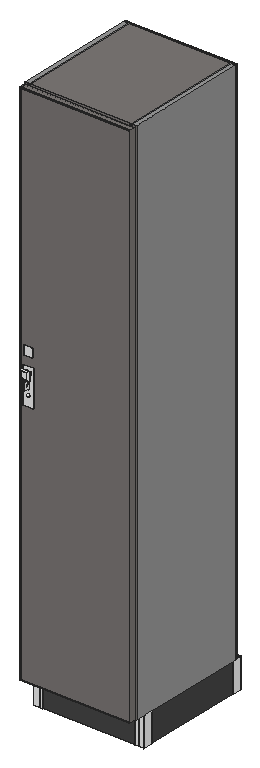
Revit family "Wood_Lockers_Hasps-Salsbury_Industries-15_41000_Series-1_Wide_Units.rfa", category Specialty Equipment, Revit 2016 (continued)
Definition of nested family "Premier Locker Doors_Hasp"
  Forms (in)
    Extrusion 1, solid, detail levels fine
      sketch origin (0, 0, 0) x (1, 0, 0) y (0, 0, 1)
        loop
          line (-7.4065, 0.031) -> (7.4065, 0.031) -> (7.4065, 71.719) -> (-7.4065, 71.719) -> (-7.4065, 0.031)
      from -0.344 to 0.344
    Extrusion 2, solid, material <- "Laminate Surface", detail levels fine
      sketch origin (0, 0.375, 0) x (1, 0, 0) y (0, 0, 1)
        loop
          line (-7.4065, 0.031) -> (7.4065, 0.031) -> (7.4065, 71.719) -> (-7.4065, 71.719) -> (-7.4065, 0.031)
      from 0.031 to 0
    Extrusion 3, solid, material <- "Laminate Surface"
      sketch origin (0, -0.375, 0) x (1, 0, 0) y (0, 0, 1)
        loop
          line (-7.4065, 0.031) -> (7.4065, 0.031) -> (7.4065, 71.719) -> (-7.4065, 71.719) -> (-7.4065, 0.031)
      from 0 to -0.031
    Sweep 4, solid, material <- "Door Trim"
      path origin (0, 0, 0) x (1, 0, 0) y (0, 0, 1)
        loop
          line (7.3125, 71.625) -> (-7.3125, 71.625) -> (-7.3125, 0.125) -> (7.3125, 0.125) -> (7.3125, 71.625)
      profile origin (0, 0, 71.625) x (0, 0, -1) y (0, -1, 0)
        loop
          line (-0.125, 0.375) -> (-0.125, -0.375) -> (-0.094, -0.375) -> (-0.094, 0.375) -> (-0.125, 0.375)
    Extrusion 5, void
      sketch origin (-1.875, -0.313, 0) x (1, 0, 0) y (0, 0, 1)
        loop
          arc (-4.91334, 40.75) -> (-5.01881, 40.70631) -> (-5.0625, 40.60084) r 0.14916
          line (-5.0625, 40.60084) -> (-5.0625, 39.64916)
          arc (-5.0625, 39.64916) -> (-5.01881, 39.54369) -> (-4.91334, 39.5) r 0.14916
          line (-4.91334, 39.5) -> (-3.96166, 39.5)
          arc (-3.96166, 39.5) -> (-3.85619, 39.54369) -> (-3.8125, 39.64916) r 0.14916
          line (-3.8125, 39.64916) -> (-3.8125, 40.60084)
          arc (-3.8125, 40.60084) -> (-3.85619, 40.70631) -> (-3.96166, 40.75) r 0.14916
          line (-3.96166, 40.75) -> (-4.91334, 40.75)
      from 0 to 0.062
    Extrusion 6, solid, visible <- "Visible Number Plates", detail levels medium+fine
      sketch origin (-1.875, -0.375, 0) x (1, 0, 0) y (0, 0, 1)
        loop
          arc (-4.91334, 40.75) -> (-5.01881, 40.70631) -> (-5.0625, 40.60084) r 0.14916
          line (-5.0625, 40.60084) -> (-5.0625, 39.64916)
          arc (-5.0625, 39.64916) -> (-5.01881, 39.54369) -> (-4.91334, 39.5) r 0.14916
          line (-4.91334, 39.5) -> (-3.96166, 39.5)
          arc (-3.96166, 39.5) -> (-3.85619, 39.54369) -> (-3.8125, 39.64916) r 0.14916
          line (-3.8125, 39.64916) -> (-3.8125, 40.60084)
          arc (-3.8125, 40.60084) -> (-3.85619, 40.70631) -> (-3.96166, 40.75) r 0.14916
          line (-3.96166, 40.75) -> (-4.91334, 40.75)
      from -0.062 to 0
    Extrusion 7, solid, detail levels medium+fine
      sketch origin (0, 0.375, 0) x (1, 0, 0) y (0, 0, 1)
        loop
          circle (-6.9875, 71.3) r 0.25
      from 0 to -0.25
    Extrusion 8, solid, detail levels medium+fine
      sketch origin (0, 0.375, 0) x (1, 0, 0) y (0, 0, 1)
        loop
          line (6.8125, 68.5) -> (6.8125, 69) -> (6.3125, 69) -> (6.3125, 68.5) -> (6.8125, 68.5)
      from 0 to -0.25
    Extrusion 9, solid, detail levels medium+fine
      sketch origin (0, 0.375, -0.25) x (1, 0, 0) y (0, 0, 1)
        loop
          line (6.8125, 3) -> (6.8125, 3.5) -> (6.3125, 3.5) -> (6.3125, 3) -> (6.8125, 3)
      from 0 to -0.25
    Extrusion 10, solid, visible <- "Visible Center Hinge", detail levels medium+fine
      sketch origin (0, 0.375, -0.25) x (1, 0, 0) y (0, 0, 1)
        loop
          line (6.8125, 35.875) -> (6.8125, 36.375) -> (6.3125, 36.375) -> (6.3125, 35.875) -> (6.8125, 35.875)
      from 0 to -0.25
    Extrusion 11, void
      sketch origin (-1.875, -0.375, 0) x (1, 0, 0) y (0, 0, 1)
        loop
          arc (-5.0625, 38.3125) -> (-5.15089, 38.27589) -> (-5.1875, 38.1875) r 0.125
          line (-5.1875, 38.1875) -> (-5.1875, 33.5625)
          arc (-5.1875, 33.5625) -> (-5.15089, 33.47411) -> (-5.0625, 33.4375) r 0.125
          line (-5.0625, 33.4375) -> (-3.8125, 33.4375)
          arc (-3.8125, 33.4375) -> (-3.72411, 33.47411) -> (-3.6875, 33.5625) r 0.125
          line (-3.6875, 33.5625) -> (-3.6875, 38.1875)
          arc (-3.6875, 38.1875) -> (-3.72411, 38.27589) -> (-3.8125, 38.3125) r 0.125
          line (-3.8125, 38.3125) -> (-5.0625, 38.3125)
      from -0.062 to 0
    Extrusion 12, solid
      sketch origin (-1.875, -0.375, 0) x (1, 0, 0) y (0, 0, 1)
        loop
          line (-3.8125, 38.3125) -> (-5.0625, 38.3125)
          arc (-5.0625, 38.3125) -> (-5.15089, 38.27589) -> (-5.1875, 38.1875) r 0.125
          line (-5.1875, 38.1875) -> (-5.1875, 33.5625)
          arc (-5.1875, 33.5625) -> (-5.15089, 33.47411) -> (-5.0625, 33.4375) r 0.125
          line (-5.0625, 33.4375) -> (-3.8125, 33.4375)
          arc (-3.8125, 33.4375) -> (-3.72411, 33.47411) -> (-3.6875, 33.5625) r 0.125
          line (-3.6875, 33.5625) -> (-3.6875, 38.1875)
          arc (-3.6875, 38.1875) -> (-3.72411, 38.27589) -> (-3.8125, 38.3125) r 0.125
      from 0 to -0.062
    Extrusion 13, void
      sketch origin (-1.875, -0.375, 0) x (1, 0, 0) y (0, 0, 1)
        loop
          line (-4.6255, 36.6245) -> (-4.6255, 35.74816)
          arc (-4.6255, 35.74816) -> (-4.4375, 35.56016) -> (-4.2495, 35.74816) r 0.188
          line (-4.2495, 35.74816) -> (-4.2495, 36.6245)
          arc (-4.2495, 36.6245) -> (-4.4375, 36.8125) -> (-4.6255, 36.6245) r 0.188
      from 0 to -0.75
    Sweep 14, solid, detail levels medium+fine
      path origin (-1.875, -0.375, 0) x (1, 0, 0) y (0, 0, 1)
        loop
          circle (-4.4375, 34.8125) r 0.01
      profile origin (-6.3125, -0.375, 34.8225) x (0, 0, -1) y (0, -1, 0)
        loop
          line (0, 0) -> (0, 0.125)
          arc (0, 0.125) -> (-0.10032, 0.09036) -> (-0.156, 0) r 0.15776
          line (-0.156, 0) -> (0, 0)
    Extrusion 15, solid, detail levels medium+fine
      sketch origin (-1.875, -0.375, 0) x (1, 0, 0) y (0, 0, 1)
        loop
          circle (-4.4375, 34.8125) r 0.01
      from 0 to 0.125
    Sweep 16, solid
      path origin (-1.875, -0.375, 0) x (1, 0, 0) y (0, 0, 1)
        loop
          line (-5.0625, 38.1875) -> (-5.0625, 36.9375) -> (-3.8125, 36.9375) -> (-3.8125, 38.1875) -> (-5.0625, 38.1875)
      profile origin (-6.3125, -0.375, 38.1875) x (0, 0, 1) y (0, -1, 0)
        loop
          line (-0.38067, 0) -> (-0.38067, 0.24142)
          arc (-0.38067, 0.24142) -> (-0.34525, 0.34191) -> (-0.25465, 0.39797) r 0.16024
          arc (-0.25465, 0.39797) -> (-0.10494, 0.46941) -> (0, 0.59789) r 0.37946
          spline (0, 0.59789) -> (-0.00179, 0.61485) -> (-0.00715, 0.6316) -> (-0.01601, 0.64793) -> (-0.02825, 0.66364) -> (-0.04373, 0.67852) -> (-0.06225, 0.6924) -> (-0.08358, 0.7051) -> (-0.10745, 0.71647) -> (-0.13357, 0.72635) -> (-0.16161, 0.73463) -> (-0.19123, 0.74121) -> (-0.22204, 0.746)
          arc (-0.22204, 0.746) -> (-0.31051, 0.60028) -> (-0.42829, 0.47704) r 0.78682
          arc (-0.42829, 0.47704) -> (-0.50625, 0.37521) -> (-0.53396, 0.25) r 0.29673
          line (-0.53396, 0.25) -> (-0.53396, 0) -> (-0.38067, 0)
    Blend 17, solid
      base sketch origin (-1.875, -1.125, 0) x (0, 0, -1) y (-1, 0, 0)
        loop
          line (-37.96546, 4.84046) -> (-37.96546, 4.03454) -> (-37.15954, 4.03454) -> (-37.15954, 4.84046) -> (-37.96546, 4.84046)
      top sketch origin (-1.875, -1.125, 0) x (0, 0, -1) y (-1, 0, 0)
        loop
          line (-37.93279, 4.80777) -> (-37.93279, 4.06715) -> (-37.19211, 4.06715) -> (-37.19211, 4.80777) -> (-37.93279, 4.80777)
      from 0 to 0.031
    Extrusion 18, solid
      sketch origin (-6.3125, 0, 0) x (0, 0, -1) y (0, -1, 0)
        loop
          line (-35.6844, 1) -> (-36.6844, 1) -> (-36.6844, -0.375) -> (-35.6844, -0.375) -> (-35.6844, 1)
      from -0.063 to 0.063
    Extrusion 19, void
      sketch origin (-6.3125, 35.51803, 36.85077) x (0, 1, 0) y (0, 0, -1)
        loop
          circle (-36.1844, 0.66637) r 0.25
      from -0.063 to 0.063
  Cuts and joins
    Extrusion 5, Extrusion 13 cuts Extrusion 1
    Extrusion 5, Extrusion 11 cuts Extrusion 3
    Extrusion 13 cuts Extrusion 12
    Extrusion 13 cuts Extrusion 2
    Extrusion 19 cuts Extrusion 18
  Lines and regions (in)
    symbolic lines
      curve 1: line (-7.4375, 0.375, 0) -> (7.4375, 0.375, 0)
      curve 2: line (7.4375, 0.375, 0) -> (7.4375, 0.375, 71.75)
      curve 3: line (7.4375, 0.375, 71.75) -> (-7.4375, 0.375, 71.75)
      curve 4: line (-7.4375, 0.375, 71.75) -> (-7.4375, 0.375, 0)
      curve 5: line (-7.4375, 0.375, 71.625) -> (7.4375, 0.375, 71.625)
      curve 6: line (-7.4375, -0.375, 71.625) -> (-7.4375, 0.375, 71.625)
      curve 7: line (7.4375, -0.375, 71.625) -> (-7.4375, -0.375, 71.625)
      curve 8: line (7.4375, 0.375, 71.625) -> (7.4375, -0.375, 71.625)
      curve 9: line (6.8125, 0.375, 71.625) -> (6.8125, 0.625, 71.625)
      curve 10: line (6.8125, 0.625, 71.625) -> (6.3125, 0.625, 71.625)
      curve 11: line (6.3125, 0.625, 71.625) -> (6.3125, 0.375, 71.625)
      curve 12: line (-7.23713, 0.375, 71.625) -> (-7.23713, 0.625, 71.625)
      curve 13: line (-6.7375, 0.375, 71.625) -> (-6.7375, 0.625, 71.625)
      curve 14: line (-6.7375, 0.625, 71.625) -> (-7.23713, 0.625, 71.625)
      curve 15: line (-6.3125, -0.375, 71.75) -> (-6.3125, 0.375, 71.75)
      curve 16: line (-6.3125, -0.375, 0) -> (-6.3125, -0.375, 71.75)
      curve 17: line (-6.3125, 0.375, 0) -> (-6.3125, -0.375, 0)
      curve 18: line (-6.3125, 0.375, 71.75) -> (-6.3125, 0.375, 0)
      curve 19: line (-6.3125, 0.375, 69) -> (-6.3125, 0.625, 69)
      curve 20: line (-6.3125, 0.625, 69) -> (-6.3125, 0.625, 68.5)
      curve 21: line (-6.3125, 0.625, 68.5) -> (-6.3125, 0.375, 68.5)
      curve 22: line (-6.3125, 0.375, 3.25) -> (-6.3125, 0.625, 3.25)
      curve 23: line (-6.3125, 0.625, 3.25) -> (-6.3125, 0.625, 2.75)
      curve 24: line (-6.3125, 0.625, 2.75) -> (-6.3125, 0.375, 2.75)
      curve 25: line (-6.3125, 0.375, 36.125) -> (-6.3125, 0.625, 36.125)
      curve 26: line (-6.3125, 0.625, 36.125) -> (-6.3125, 0.625, 35.625)
      curve 27: line (-6.3125, 0.625, 35.625) -> (-6.3125, 0.375, 35.625)
      curve 28: line (-7.0625, -0.375, 71.625) -> (-5.5625, -0.375, 71.625)
      curve 29: line (-6.9375, -1.125, 38.3125) -> (-5.6875, -1.125, 38.3125)
      curve 30: arc (-5.5625, -1.125, 38.1875) -> (-5.59911, -1.125, 38.27589) -> (-5.6875, -1.125, 38.3125) r 0.125
      curve 31: arc (-6.9375, -1.125, 38.3125) -> (-7.02589, -1.125, 38.27589) -> (-7.0625, -1.125, 38.1875) r 0.125
      curve 32: line (-7.0625, -1.125, 33.5625) -> (-7.0625, -1.125, 38.1875)
      curve 33: line (-5.5625, -1.125, 38.1875) -> (-5.5625, -1.125, 33.5625)
      curve 34: arc (-5.6875, -1.125, 33.4375) -> (-5.59911, -1.125, 33.47411) -> (-5.5625, -1.125, 33.5625) r 0.125
      curve 35: arc (-7.0625, -1.125, 33.5625) -> (-7.02589, -1.125, 33.47411) -> (-6.9375, -1.125, 33.4375) r 0.125
      curve 36: line (-5.6875, -1.125, 33.4375) -> (-6.9375, -1.125, 33.4375)
      curve 37: arc (-6.1245, -1.125, 36.6245) -> (-6.3125, -1.125, 36.8125) -> (-6.5005, -1.125, 36.6245) r 0.188
      curve 38: arc (-6.5005, -1.125, 35.7505) -> (-6.3125, -1.125, 35.5625) -> (-6.1245, -1.125, 35.7505) r 0.188
      curve 39: line (-6.1245, -1.125, 36.6245) -> (-6.1245, -1.125, 35.7505)
      curve 40: line (-6.5005, -1.125, 35.7505) -> (-6.5005, -1.125, 36.6245)
      curve 41: line (-5.6875, -1.125, 36.9375) -> (-6.9375, -1.125, 36.9375)
      curve 42: line (-5.6875, -1.125, 38.1875) -> (-5.6875, -1.125, 36.9375)
      curve 43: line (-6.9375, -1.125, 36.9375) -> (-6.9375, -1.125, 38.1875)
      curve 44: line (-6.9375, -1.125, 38.1875) -> (-5.6875, -1.125, 38.1875)
      curve 45: line (-6.3755, -1.125, 36.6844) -> (-6.2495, -1.125, 36.6844)
      curve 46: line (-6.2495, -1.125, 36.6844) -> (-6.2495, -1.125, 35.6844)
      curve 47: line (-6.3755, -1.125, 35.6844) -> (-6.3755, -1.125, 36.6844)
      curve 48: line (-6.2495, -1.125, 35.6844) -> (-6.3755, -1.125, 35.6844)
      curve 49: line (-6.3125, -1, 36.6844) -> (-6.3125, -0.375, 36.6844)
      curve 50: line (-6.3125, -1, 35.6844) -> (-6.3125, -1, 36.6844)
      curve 51: line (-6.3125, -0.375, 35.6844) -> (-6.3125, -1, 35.6844)
      curve 52: arc (-6.3125, -0.91637, 36.1844) -> (-6.3125, -0.66637, 36.4344) -> (-6.3125, -0.41637, 36.1844) r 0.25
      curve 53: arc (-6.3125, -0.41637, 36.1844) -> (-6.3125, -0.66637, 35.9344) -> (-6.3125, -0.91637, 36.1844) r 0.25
      curve 54: line (-6.3125, -0.375, 37.31817) -> (-6.3125, -0.61642, 37.31817)
      curve 55: arc (-6.3125, -0.77297, 37.19215) -> (-6.3125, -0.71691, 37.28275) -> (-6.3125, -0.61642, 37.31817) r 0.16024
      curve 56: arc (-6.3125, -0.97289, 36.9375) -> (-6.3125, -0.84441, 37.04244) -> (-6.3125, -0.77297, 37.19215) r 0.37946
      curve 57: spline (-6.3125, -1.121, 37.15954) -> (-6.3125, -1.11621, 37.12873) -> (-6.3125, -1.10963, 37.09911) -> (-6.3125, -1.10135, 37.07107) -> (-6.3125, -1.09147, 37.04495) -> (-6.3125, -1.0801, 37.02108) -> (-6.3125, -1.0674, 36.99975) -> (-6.3125, -1.05352, 36.98123) -> (-6.3125, -1.03864, 36.96575) -> (-6.3125, -1.02293, 36.95351) -> (-6.3125, -1.0066, 36.94465) -> (-6.3125, -0.98985, 36.93929) -> (-6.3125, -0.97289, 36.9375)
      curve 58: line (-6.3125, -1.125, 37.15954) -> (-6.3125, -1.125, 37.96546)
      curve 59: spline (-6.3125, -1.121, 37.96546) -> (-6.3125, -1.11621, 37.99627) -> (-6.3125, -1.10963, 38.02589) -> (-6.3125, -1.10135, 38.05393) -> (-6.3125, -1.09147, 38.08005) -> (-6.3125, -1.0801, 38.10392) -> (-6.3125, -1.0674, 38.12525) -> (-6.3125, -1.05352, 38.14377) -> (-6.3125, -1.03864, 38.15925) -> (-6.3125, -1.02293, 38.17149) -> (-6.3125, -1.0066, 38.18035) -> (-6.3125, -0.98985, 38.18571) -> (-6.3125, -0.97289, 38.1875)
      curve 60: arc (-6.3125, -0.97289, 38.1875) -> (-6.3125, -0.84441, 38.08256) -> (-6.3125, -0.77297, 37.93285) r 0.37946
      curve 61: arc (-6.3125, -0.77297, 37.93285) -> (-6.3125, -0.71691, 37.84225) -> (-6.3125, -0.61642, 37.80683) r 0.16024
      curve 62: line (-6.3125, -0.61642, 37.80683) -> (-6.3125, -0.375, 37.80683)
      curve 63: line (-6.55683, -0.61642, 71.625) -> (-6.55683, -0.375, 71.625)
      curve 64: arc (-6.68285, -0.77297, 71.625) -> (-6.59225, -0.71691, 71.625) -> (-6.55683, -0.61642, 71.625) r 0.16024
      curve 65: arc (-6.9375, -0.97289, 71.625) -> (-6.83256, -0.84441, 71.625) -> (-6.68285, -0.77297, 71.625) r 0.37946
      curve 66: line (-5.90954, -1.125, 71.625) -> (-6.71546, -1.125, 71.625)
      curve 67: spline (-5.90954, -1.121, 71.625) -> (-5.87873, -1.11621, 71.625) -> (-5.84911, -1.10963, 71.625) -> (-5.82107, -1.10135, 71.625) -> (-5.79495, -1.09147, 71.625) -> (-5.77108, -1.0801, 71.625) -> (-5.74975, -1.0674, 71.625) -> (-5.73123, -1.05352, 71.625) -> (-5.71575, -1.03864, 71.625) -> (-5.70351, -1.02293, 71.625) -> (-5.69465, -1.0066, 71.625) -> (-5.68929, -0.98985, 71.625) -> (-5.6875, -0.97289, 71.625)
      curve 68: arc (-5.6875, -0.97289, 71.625) -> (-5.79244, -0.84441, 71.625) -> (-5.94215, -0.77297, 71.625) r 0.37946
      curve 69: arc (-5.94215, -0.77297, 71.625) -> (-6.03275, -0.71691, 71.625) -> (-6.06817, -0.61642, 71.625) r 0.16024
      curve 70: line (-6.06817, -0.375, 71.625) -> (-6.06817, -0.61642, 71.625)
      curve 71: spline (-6.71546, -1.121, 71.625) -> (-6.74627, -1.11621, 71.625) -> (-6.77589, -1.10963, 71.625) -> (-6.80393, -1.10135, 71.625) -> (-6.83005, -1.09147, 71.625) -> (-6.85392, -1.0801, 71.625) -> (-6.87525, -1.0674, 71.625) -> (-6.89377, -1.05352, 71.625) -> (-6.90925, -1.03864, 71.625) -> (-6.92149, -1.02293, 71.625) -> (-6.93035, -1.0066, 71.625) -> (-6.93571, -0.98985, 71.625) -> (-6.9375, -0.97289, 71.625)
    reference lines
      curve 72: line (-7.4375, 0, 71.75) -> (6.8435, 0, 71.75)
      curve 73: line (6.8435, 0, 71.75) -> (-7.4375, 0, 71.75)
  Dimensions and locks (in)
    equal spacing: plane 4 "Left Side of Door", plane 3 "Center (Left/Right)", plane 5 "Right Side of Door"
    "Width": plane 4 "Left Side of Door" to plane 5 "Right Side of Door"
    equal spacing: plane 7 "Front of Door", plane 1 "Center (Front/Back)", plane 6 "Back of Door"
    "Depth": plane 7 "Front of Door" to plane 6 "Back of Door"
    equal spacing: plane 9 "Top of Door", plane 10 "Center of Door", plane 8 "Bottom of Door"
    "Height": plane 9 "Top of Door" to plane 8 "Bottom of Door"
    equal spacing: plane 11 "Top of Number Tag", plane 16 "Center of Number Tag", plane 12 "Bottom of Number Tag"
    "Number Tag Height": plane 11 "Top of Number Tag" to plane 12 "Bottom of Number Tag"
    equal spacing: plane 14 "Right Side of Number Tag", plane 15 "Horizontal Center of Number Tag", plane 13 "Left Side of Number Tag"
    "Number Tag Width": plane 14 "Right Side of Number Tag" to plane 13 "Left Side of Number Tag"
    "Number Tag-Horizontal Offset": plane 15 "Horizontal Center of Number Tag" to plane 5 "Right Side of Door"
    "Number Tag-Vertical Offset": plane 9 "Top of Door" to plane 16 "Center of Number Tag"
    "Lock Horizontal Offset": plane 4 "Left Side of Door" to plane 17 "Left Side of Lock"
    equal spacing: plane 20 "Top of Lock", plane 19 "Lock Vertical Center", plane 21 "Bottom of Lock"
    "Lock Height": plane 20 "Top of Lock" to plane 21 "Bottom of Lock"
    "Lock Vertical Offset": plane 9 "Top of Door" to plane 19 "Lock Vertical Center"
    plane 22 "Front of Hasp Stud" to plane 7 "Front of Door" = 0.125"
    locked: plane 24 "Right Side of Door-Left Side of Trim" to plane 5 "Right Side of Door" at 0.125
    locked: plane 4 "Left Side of Door" to plane 23 "Left Side of Door-Right Side of Trim" at 0.125
    locked: plane 9 "Top of Door" to plane 25 "Top of Door-Bottom of Trim" at 0.125
    plane 26 "Bottom of Door-Top of Trim" to plane 8 "Bottom of Door" = 0.125"
    plane 28 "Melamine-Particleboard Line" to plane 6 "Back of Door" = 0.031"
    plane 7 "Front of Door" to plane 27 "Laminate-Particleboard Line" = 0.031"
    plane 27 "Laminate-Particleboard Line" to plane 29 "Back of Number Plate Inset" = 0.031"
    equal spacing: plane 18 "Right Side of Lock", plane 30 "Center of Lock", plane 17 "Left Side of Lock", locked at 0.75 each
    "Lock Width": plane 18 "Right Side of Lock" to plane 17 "Left Side of Lock"
    plane 22 "Front of Hasp Stud" to plane 31 = 0.312"
    plane 6 "Back of Door" to plane 32 "Door Stopper Plane" = 0.250"
    locked: plane 23 "Left Side of Door-Right Side of Trim" to plane 33 at 0.325
    locked: plane 25 "Top of Door-Bottom of Trim" to plane 34 at 0.325
    locked: plane 9 "Top of Door" to plane 35 "Top Hinge" at 3
    plane 36 to plane 5 "Right Side of Door" = 0.625"
    plane 6 "Back of Door" to plane 28 "Melamine-Particleboard Line" = 0.031"
    plane 9 "Top of Door" to plane 25 "Top of Door-Bottom of Trim" = 0.125"
    plane 7 "Front of Door" to plane 38 "Inner Knob" = 0.719"
    locked: plane 38 "Inner Knob" to plane 39 "Front of Knob" at 0.031
    locked: plane 40 to plane 20 "Top of Lock" at 1.125
    locked: plane 21 "Bottom of Lock" to plane 41 at 1.125
    locked: plane 20 "Top of Lock" to plane 42 at 0.125
    locked: plane 18 "Right Side of Lock" to plane 43 at 0.125
    locked: plane 44 to plane 17 "Left Side of Lock" at 0.125
    plane 42 to plane 45 = 1.250"
    locked: plane 45 to plane 46 "Top of Hole" at 0.125
    plane 48 to plane 30 "Center of Lock" to plane 47 = 0.188" locked, 0.188" locked
    locked: plane 46 "Top of Hole" to plane 49 "Bottom of Hole" at 1.25
    plane 49 "Bottom of Hole" to plane 50 "Stud Alignment" = 0.750"
    locked: plane 42 to plane 51 "Center of Handle" at 0.625
    plane 52 to plane 51 "Center of Handle" to plane 53 = 0.188" locked, 0.188" locked
    plane 7 "Front of Door" to plane 39 "Front of Knob" = 0.750"
    locked: plane 42 to plane 54 at 0.22204
    locked: plane 55 to plane 45 at 0.22204
    locked: plane 7 "Front of Door" to plane 56 "Front of Latch" at 0.625
    locked: plane 57 to plane 58 at 1
    locked: plane 46 "Top of Hole" to plane 57 at 0.1281
    equal spacing: plane 58, plane 59, plane 57
    locked: plane 60 to plane 5 "Right Side of Door" at 0.594
    locked: plane 57 to plane 61 at 0.0599
    locked: plane 62 to plane 58 at 0.06376
    plane 12 "Bottom of Number Tag" to plane 20 "Top of Lock" = 1.1875"
    aligned and locked: level to plane 2
    aligned and locked: Extrusion 5 to plane 11 "Top of Number Tag"
    aligned and locked: plane 12 "Bottom of Number Tag" to Extrusion 5
    aligned and locked: Extrusion 5 to plane 14 "Right Side of Number Tag"
    aligned and locked: Extrusion 5 to plane 13 "Left Side of Number Tag"
    aligned and locked: plane 29 "Back of Number Plate Inset" to Extrusion 5
    aligned and locked: plane 7 "Front of Door" to Extrusion 5
    aligned and locked: plane 29 "Back of Number Plate Inset" to Extrusion 6
    aligned and locked: plane 7 "Front of Door" to Extrusion 6
    aligned and locked: Extrusion 6 to plane 14 "Right Side of Number Tag"
    aligned and locked: Extrusion 6 to plane 13 "Left Side of Number Tag"
    aligned and locked: Extrusion 6 to plane 11 "Top of Number Tag"
    aligned and locked: plane 12 "Bottom of Number Tag" to Extrusion 6
    aligned and locked: curve 9 to Extrusion 8
    aligned and locked: curve 10 to Extrusion 8
    aligned and locked: curve 11 to Extrusion 8
    aligned and locked: Extrusion 7 to curve 12
    aligned and locked: curve 14 to Extrusion 7
    aligned and locked: curve 16 to plane 7 "Front of Door"
    aligned and locked: curve 19 to Extrusion 8  (x2)
    aligned and locked: curve 21 to Extrusion 8
    aligned and locked: curve 18 to curve 22
    aligned and locked: curve 22 to Extrusion 9  (x2)
    aligned and locked: curve 24 to Extrusion 9
    aligned and locked: curve 25 to Extrusion 10
    aligned and locked: curve 26 to Extrusion 10
    aligned and locked: curve 27 to Extrusion 10
    aligned and locked: plane 20 "Top of Lock" to Extrusion 11 sketch curve
    aligned and locked: Extrusion 11 sketch curve to plane 21 "Bottom of Lock"
    aligned and locked: Extrusion 11 to plane 29 "Back of Number Plate Inset"
    aligned and locked: plane 7 "Front of Door" to Extrusion 11
    aligned and locked: Extrusion 3 to Extrusion 11
    aligned and locked: Sweep 14 to plane 50 "Stud Alignment"  (x2)
    aligned and locked: Extrusion 15 to plane 7 "Front of Door"
    aligned and locked: Extrusion 15 to plane 22 "Front of Hasp Stud"
    aligned and locked: Extrusion 15 to plane 50 "Stud Alignment"
    aligned and locked: Blend 17 to plane 39 "Front of Knob"
    aligned and locked: plane 38 "Inner Knob" to Blend 17
    aligned and locked: plane 6 "Back of Door" to Extrusion 18 sketch curve
    aligned and locked: plane 56 "Front of Latch" to Extrusion 18 sketch curve
    aligned and locked: Extrusion 18 to plane 57
    aligned and locked: plane 58 to Extrusion 18
    aligned and locked: plane 59 to cut or joined group of Extrusion 18, Extrusion 19
    aligned and locked: Extrusion 13 sketch curve to plane 61  (x2)
    aligned and locked: Extrusion 13 sketch curve to plane 62  (x2)
  Automatic sketch dimensions
    Extrusion 1 sketch curve to plane 4 "Left Side of Door" = 0.031"
    plane 5 "Right Side of Door" to Extrusion 1 sketch curve = 0.031"
    level to Extrusion 1 sketch curve = 0.031"
    plane 9 "Top of Door" to Extrusion 1 sketch curve = 0.031"
    Extrusion 2 sketch curve to plane 4 "Left Side of Door" = 0.031"
    plane 5 "Right Side of Door" to Extrusion 2 sketch curve = 0.031"
    level to Extrusion 2 sketch curve = 0.031"
    plane 9 "Top of Door" to Extrusion 2 sketch curve = 0.031"
    Extrusion 3 sketch curve to plane 4 "Left Side of Door" = 0.031"
    plane 5 "Right Side of Door" to Extrusion 3 sketch curve = 0.031"
    level to Extrusion 3 sketch curve = 0.031"
    plane 9 "Top of Door" to Extrusion 3 sketch curve = 0.031"
    plane 23 "Left Side of Door-Right Side of Trim" to Sweep 4 sketch curve = 0.000"
    plane 24 "Right Side of Door-Left Side of Trim" to Sweep 4 sketch curve = 0.000"  (x2)
    Sweep 4 sketch curve to plane 26 "Bottom of Door-Top of Trim" = 0.000"
    Sweep 4 sketch curve to plane 25 "Top of Door-Bottom of Trim" = 0.000"
    profile plane to Sweep 4 sketch curve = 0.125"
    Sweep 4 sketch curve to Sweep 4 sketch curve = 0.031"
    Sweep 4 sketch curve to plane 1 "Center (Front/Back)" = 0.375"
    plane 1 "Center (Front/Back)" to Sweep 4 sketch curve = 0.375"
    Extrusion 7 sketch curve to plane 33 = 0.000"
    Extrusion 7 sketch curve to plane 34 = 0.000"
    plane 36 to Extrusion 8 sketch curve = 0.000"
    Extrusion 8 sketch curve to Extrusion 8 sketch curve = 0.500"
    plane 35 "Top Hinge" to Extrusion 8 sketch curve = 0.250"
    Extrusion 8 sketch curve to plane 35 "Top Hinge" = 0.250"
    plane 36 to Extrusion 9 sketch curve = 0.000"
    Extrusion 9 sketch curve to Extrusion 9 sketch curve = 0.500"
    plane 37 "Bottom Hinge" to Extrusion 9 sketch curve = 0.250"
    Extrusion 9 sketch curve to plane 37 "Bottom Hinge" = 0.250"
    plane 36 to Extrusion 10 sketch curve = 0.000"
    Extrusion 10 sketch curve to Extrusion 10 sketch curve = 0.500"
    curve 4 to level = 0.000"
    plane 4 "Left Side of Door" to curve 4 = 0.000"
    plane 5 "Right Side of Door" to curve 3 = 0.000"
    curve 3 to plane 9 "Top of Door" = 0.000"
    Extrusion 5 sketch curve to plane 13 "Left Side of Number Tag" = 0.000"
    Extrusion 5 sketch curve to plane 12 "Bottom of Number Tag" = 0.000"
    Extrusion 5 sketch curve to plane 11 "Top of Number Tag" = 0.000"
    Extrusion 5 sketch curve to plane 14 "Right Side of Number Tag" = 0.000"
    Extrusion 6 sketch curve to plane 13 "Left Side of Number Tag" = 0.000"
    Extrusion 6 sketch curve to plane 12 "Bottom of Number Tag" = 0.000"
    Extrusion 6 sketch curve to plane 11 "Top of Number Tag" = 0.000"
    Extrusion 6 sketch curve to plane 14 "Right Side of Number Tag" = 0.000"
    Extrusion 11 sketch curve to plane 13 "Left Side of Number Tag" = 0.125"
    Extrusion 10 sketch curve to plane 10 "Center of Door" = 0.250"
    plane 10 "Center of Door" to Extrusion 10 sketch curve = 0.250"
    Extrusion 11 sketch curve to plane 21 "Bottom of Lock" = 0.125"
    plane 13 "Left Side of Number Tag" to Extrusion 5 sketch curve = 0.14916"
    Extrusion 5 sketch curve to Extrusion 5 sketch curve = 0.14916"  (x2)
    plane 13 "Left Side of Number Tag" to Extrusion 6 sketch curve = 0.14916"
    Extrusion 6 sketch curve to plane 12 "Bottom of Number Tag" = 0.14916"
    plane 13 "Left Side of Number Tag" to Extrusion 11 sketch curve = 0.000"  (x2)
    Extrusion 5 sketch curve to plane 12 "Bottom of Number Tag" = 0.14916"
    Extrusion 6 sketch curve to plane 14 "Right Side of Number Tag" = 0.14916"  (x2)
    plane 14 "Right Side of Number Tag" to Extrusion 11 sketch curve = 0.000"  (x2)
    Extrusion 12 sketch curve to plane 17 "Left Side of Lock" = 0.000"
    plane 13 "Left Side of Number Tag" to Extrusion 12 sketch curve = 0.000"  (x2)
    plane 14 "Right Side of Number Tag" to Extrusion 12 sketch curve = 0.000"  (x2)
    Extrusion 12 sketch curve to plane 20 "Top of Lock" = 0.000"
    Extrusion 12 sketch curve to plane 18 "Right Side of Lock" = 0.000"
    Extrusion 12 sketch curve to plane 21 "Bottom of Lock" = 0.125"
    plane 15 "Horizontal Center of Number Tag" to Sweep 14 sketch curve = 0.000"
    Sweep 14 sketch curve to plane 50 "Stud Alignment" = 0.000"
    Sweep 14 sketch curve to plane 7 "Front of Door" = 0.000"
    Sweep 14 sketch curve to profile plane = 0.000"
    profile plane to Sweep 14 sketch curve = 0.00168"
    profile plane to Sweep 14 sketch curve = 0.156"
    Sweep 14 sketch curve to plane 7 "Front of Door" = 0.03275"
    Extrusion 15 sketch curve to Extrusion 15 sketch curve = 0.000"  (x2)
    Extrusion 15 sketch curve to plane 50 "Stud Alignment" = 0.000"
    plane 15 "Horizontal Center of Number Tag" to Extrusion 15 sketch curve = 0.000"
    plane 15 "Horizontal Center of Number Tag" to Extrusion 15 sketch curve = 0.010"
    plane 13 "Left Side of Number Tag" to Sweep 16 sketch curve = 0.000"
    plane 14 "Right Side of Number Tag" to Sweep 16 sketch curve = 0.000"
    Sweep 16 sketch curve to plane 45 = 0.000"
    Sweep 16 sketch curve to plane 42 = 0.000"
    Sweep 16 sketch curve to plane 7 "Front of Door" = 0.000"
    profile plane to Sweep 16 sketch curve = 0.000"
    profile plane to Sweep 16 sketch curve = 0.22043"
    Sweep 16 sketch curve to Sweep 16 sketch curve = 0.01681"
    profile plane to Sweep 16 sketch curve = 0.33926"
    Sweep 16 sketch curve to Sweep 16 sketch curve = 0.14344"
    Sweep 16 sketch curve to Sweep 16 sketch curve = 0.15329"
    Sweep 16 sketch curve to Sweep 16 sketch curve = 0.59563"
    Sweep 16 sketch curve to Sweep 16 sketch curve = 0.24142"
    Sweep 16 sketch curve to Sweep 16 sketch curve = 0.00858"
    Sweep 16 sketch curve to Sweep 16 sketch curve = 0.51788"
    Sweep 16 sketch curve to Sweep 16 sketch curve = 0.31119"
    Sweep 16 sketch curve to Sweep 16 sketch curve = 0.11721"
    Sweep 16 sketch curve to Sweep 16 sketch curve = 0.01742"
    Sweep 16 sketch curve to Sweep 16 sketch curve = 0.06553"
    Sweep 16 sketch curve to Sweep 16 sketch curve = 0.000"
    Blend 17 sketch curve to plane 54 = 0.000"
    Blend 17 sketch curve to plane 55 = 0.000"
    Blend 17 sketch curve to plane 47 = 0.21496"
    plane 48 to Blend 17 sketch curve = 0.21496"
    plane 54 to Blend 17 sketch curve = 0.03267"
    Blend 17 sketch curve to plane 40 = 0.00461"
    Blend 17 sketch curve to plane 47 = 0.18235"
    plane 48 to Blend 17 sketch curve = 0.18227"
    Extrusion 18 sketch curve to plane 57 = 0.000"
    Extrusion 18 sketch curve to plane 58 = 0.000"
    plane 59 to Extrusion 19 sketch curve = 0.000"
    Extrusion 19 sketch curve to plane 22 "Front of Hasp Stud" = 0.16637"
    curve 29 to plane 14 "Right Side of Number Tag" = 0.000"
    curve 29 to plane 20 "Top of Lock" = 0.000"
    curve 30 to plane 18 "Right Side of Lock" = 0.000"
    curve 29 to plane 13 "Left Side of Number Tag" = 0.000"
    curve 31 to plane 42 = 0.000"
    curve 32 to plane 21 "Bottom of Lock" = 0.125"
    curve 34 to plane 14 "Right Side of Number Tag" = 0.000"
    curve 35 to plane 13 "Left Side of Number Tag" = 0.000"
    plane 15 "Horizontal Center of Number Tag" to curve 37 = 0.000"
    plane 47 to curve 37 = 0.000"
    plane 57 to curve 37 = 0.0599"
    curve 39 to plane 58 = 0.0661"
    curve 42 to plane 14 "Right Side of Number Tag" = 0.000"
    curve 41 to plane 13 "Left Side of Number Tag" = 0.000"
    curve 41 to plane 45 = 0.000"
    curve 43 to plane 42 = 0.000"
    curve 46 to plane 57 = 0.000"
    curve 46 to plane 15 "Horizontal Center of Number Tag" = 0.063"
    plane 15 "Horizontal Center of Number Tag" to curve 45 = 0.063"
    curve 47 to plane 58 = 0.000"
    curve 15 to plane 6 "Back of Door" = 0.000"
    plane 9 "Top of Door" to curve 15 = 0.000"
    plane 57 to curve 49 = 0.000"
    curve 51 to plane 56 "Front of Latch" = 0.000"
    plane 58 to curve 51 = 0.000"
    curve 17 to level = 0.000"
    plane 59 to curve 52 = 0.000"
    curve 53 to plane 22 "Front of Hasp Stud" = 0.16637"
    plane 7 "Front of Door" to curve 53 = 0.04137"
    plane 53 to curve 54 = 0.05633"
    curve 54 to plane 22 "Front of Hasp Stud" = 0.11642"
    plane 55 to curve 55 = 0.00161"
    curve 55 to plane 40 = 0.00465"
    plane 45 to curve 56 = 0.000"
    curve 56 to plane 39 "Front of Knob" = 0.01788"
    curve 56 to plane 40 = 0.08926"
    plane 55 to curve 57 = 0.000"
    curve 57 to plane 40 = 0.03757"
    plane 39 "Front of Knob" to curve 57 = 0.004"
    plane 42 to curve 60 = 0.000"
    curve 58 to plane 39 "Front of Knob" = 0.000"
    plane 54 to curve 58 = 0.000"
    plane 54 to curve 59 = 0.000"
    plane 55 to curve 58 = 0.000"
    curve 60 to plane 39 "Front of Knob" = 0.01788"
    curve 60 to plane 52 = 0.09774"
    plane 54 to curve 60 = 0.03261"
    plane 56 "Front of Latch" to curve 59 = 0.02711"
    plane 54 to curve 59 = 0.06553"
    plane 39 "Front of Knob" to curve 59 = 0.004"
    curve 61 to plane 54 = 0.00161"
    curve 61 to plane 22 "Front of Hasp Stud" = 0.11642"
    plane 6 "Back of Door" to curve 9 = 0.000"
    curve 6 to plane 4 "Left Side of Door" = 0.000"
    plane 7 "Front of Door" to curve 6 = 0.000"
    plane 7 "Front of Door" to curve 28 = 0.000"
    curve 67 to plane 14 "Right Side of Number Tag" = 0.000"
    curve 65 to plane 13 "Left Side of Number Tag" = 0.000"
    curve 66 to plane 39 "Front of Knob" = 0.000"
    curve 28 to plane 17 "Left Side of Lock" = 0.000"
    curve 28 to plane 18 "Right Side of Lock" = 0.000"
    curve 8 to plane 5 "Right Side of Door" = 0.000"
    curve 64 to plane 22 "Front of Hasp Stud" = 0.11642"
    curve 69 to plane 22 "Front of Hasp Stud" = 0.11642"
    curve 68 to plane 39 "Front of Knob" = 0.01788"
    curve 65 to plane 39 "Front of Knob" = 0.01788"
    curve 14 to plane 23 "Left Side of Door-Right Side of Trim" = 0.07537"
    plane 48 to curve 64 = 0.21657"
    plane 48 to curve 65 = 0.09774"
    plane 48 to curve 63 = 0.05633"
    curve 70 to plane 47 = 0.05633"
    curve 68 to plane 47 = 0.09774"
    curve 69 to curve 69 = 0.16024"
    curve 64 to curve 65 = 0.15655"
    curve 69 to curve 68 = 0.15655"
    plane 39 "Front of Knob" to curve 67 = 0.004"
    plane 33 to curve 14 = 0.250"
    curve 66 to curve 65 = 0.11721"
    curve 67 to plane 47 = 0.14943"
    curve 68 to curve 66 = 0.11721"
    curve 67 to curve 66 = 0.000"
    plane 39 "Front of Knob" to curve 71 = 0.004"
    curve 71 to curve 66 = 0.000"
    plane 48 to curve 71 = 0.14943"
    plane 1 "Center (Front/Back)" to curve 73 = 0.000"
    curve 73 to plane 4 "Left Side of Door" = 0.000"
    curve 73 to plane 60 = 0.000"
    plane 48 to Extrusion 13 sketch curve = 0.000"
    plane 15 "Horizontal Center of Number Tag" to Extrusion 13 sketch curve = 0.000"
    radius of Extrusion 7 sketch curve = 0.250"
    radius of Sweep 14 sketch curve = 0.010"
    radius of Extrusion 19 sketch curve = 0.250"
Definition of nested family "Wood Locker Flat Corner Fillers"
  Parameters (values of type "44437 - for 15" D Lockers")
    Width = 16.875"
    Visible = yes
    Version = "1.0 (12/15/23)"
    Type Comments = "Flat Top Corner Filler for Premier Wood Lockers"
    Model = "44437"
    Manufacturer = "Salsbury Industries"
    Laminate Surface = none
    Height = 0.750"
    Description = "For 15\" D Lockers"
    Depth = 16.875"
  Types (6): name | Width | Visible | Version | Type Comments | Model | Manufacturer | Description | Depth
    (no name) | 16.875" | yes | "1.0 (12/15/23)" | "Flat Top Corner Filler for Premier Wood Lockers" | "44437" | "Salsbury Industries" | "For 15\" D Lockers" | 16.875"
    44437 - for 15" D Lockers | 16.875" | yes | "1.0 (12/15/23)" | "Flat Top Corner Filler for Premier Wood Lockers" | "44437" | "Salsbury Industries" | "For 15\" D Lockers" | 16.875"
    None | 15.000" | no | "" | "" | "" | "" | "" | 13.250"
    44438 - for 18" D Lockers | 19.875" | yes | "1.0 (12/15/23)" | "Flat Top Corner Filler for Premier Wood Lockers" | "44438" | "Salsbury Industries" | "For 18\" D Lockers" | 19.875"
    44431 - for 21" D Lockers | 22.875" | yes | "1.0 (12/15/23)" | "Flat Top Corner Filler for Premier Wood Lockers" | "44431" | "Salsbury Industries" | "For 21\" D Lockers" | 22.875"
    44439 - for 24" D Lockers | 25.875" | yes | "1.0 (12/15/23)" | "Flat Top Corner Filler for Premier Wood Lockers" | "44439" | "Salsbury Industries" | "For 24\" D Lockers" | 25.875"
  Reference planes (in)
    plane 1 "Center (Front/Back)": y = 0
    plane 2: z = 0
    plane 3 "Center (Left/Right)": x = 0
    plane 4 "Right Side": x = 8.4375
    plane 5 "Left Side": x = -8.4375
    plane 6 "Front Side": y = -8.4375
    plane 7 "Back Side": y = 8.4375
    plane 8 "Bottom": z = 0
    plane 9 "Top Side": z = 0.75
    plane 10 "Wood - Laminate Line": z = 0.719
    plane 11: x = -5.4375
    plane 12: y = -5.4375
  Forms (in)
    Extrusion 1, solid, visible <- "Visible"
      sketch origin (0, 0, 0) x (0, -1, 0) y (1, 0, 0)
        loop
          line (-8.4375, -8.4375) -> (5.4375, -8.4375) -> (5.4375, -5.4375) -> (8.4375, -5.4375) -> (8.4375, 8.4375) -> (-8.4375, 8.4375) -> (-8.4375, -8.4375)
      from 0 to 0.719
    Extrusion 2, solid, material <- "Laminate Surface", visible <- "Visible"
      sketch origin (0, 0, 0.75) x (1, 0, 0) y (0, 1, 0)
        loop
          line (-8.4375, -5.4375) -> (-5.4375, -5.4375) -> (-5.4375, -8.4375) -> (8.4375, -8.4375) -> (8.4375, 8.4375) -> (-8.4375, 8.4375) -> (-8.4375, -5.4375)
      from -0.031 to 0
  Dimensions and locks (in)
    equal spacing: plane 6 "Front Side", plane 1 "Center (Front/Back)", plane 7 "Back Side"
    equal spacing: plane 5 "Left Side", plane 3 "Center (Left/Right)", plane 4 "Right Side"
    "Width": plane 5 "Left Side" to plane 4 "Right Side"
    "Depth": plane 6 "Front Side" to plane 7 "Back Side"
    "Height": plane 9 "Top Side" to plane 8 "Bottom"
    locked: plane 9 "Top Side" to plane 10 "Wood - Laminate Line" at 0.031
    locked: plane 6 "Front Side" to plane 12 at 3
    locked: plane 5 "Left Side" to plane 11 at 3
    plane 12 to plane 7 "Back Side" = 13.875"
    aligned and locked: level to plane 2
  Automatic sketch dimensions
    Extrusion 2 sketch curve to plane 5 "Left Side" = 0.000"
    plane 6 "Front Side" to Extrusion 2 sketch curve = 0.000"
    Extrusion 2 sketch curve to plane 11 = 0.000"
    Extrusion 2 sketch curve to plane 4 "Right Side" = 0.000"
    Extrusion 2 sketch curve to plane 12 = 0.000"
    plane 7 "Back Side" to Extrusion 2 sketch curve = 0.000"
    Extrusion 1 sketch curve to plane 5 "Left Side" = 0.000"
    plane 7 "Back Side" to Extrusion 1 sketch curve = 0.000"
    Extrusion 1 sketch curve to plane 12 = 0.000"
    Extrusion 1 sketch curve to plane 4 "Right Side" = 0.000"
    plane 6 "Front Side" to Extrusion 1 sketch curve = 0.000"
    Extrusion 1 sketch curve to plane 11 = 0.000"
Definition of nested family "Wood Locker Front Fillers"
  Parameters (values of type "44467 - 15" W for 6'H Lockers without Base")
    Width = 15.000"
    Visible Base = no
    Visible = yes
    Version = "1.0 (12/15/23)"
    Type Comments = "Front Vertical Filler for Premier Wood Lockers"
    Model = "44467"
    Manufacturer = "Salsbury Industries"
    Laminate Surface = none
    Height = 72.000"
    Description = "For 6' H Lockers"
    Depth = 0.750"
    Base Material = none
    Base Height = 0.000"
  Types (3): name | Width | Visible | Version | Type Comments | Model | Manufacturer | Description | Base Height
    None | 15.000" | no | "" | "" | "" | "" | "" | 4.000"
    44467 - 15" W for 6'H Lockers without Base | 15.000" | yes | "1.0 (12/15/23)" | "Front Vertical Filler for Premier Wood Lockers" | "44467" | "Salsbury Industries" | "For 6' H Lockers" | 0.000"
    44469 - 9" W for 6' H Lockers without Base | 9.000" | yes | "1.0 (12/15/23)" | "Front Vertical Filler for Premier Wood Lockers" | "44469" | "Salsbury Industries" | "For 6' H Lockers" | 0.000"
  Reference planes (in)
    plane 1 "Center (Front/Back)": y = 0
    plane 2: z = 0
    plane 3 "Center (Left/Right)": x = 0
    plane 4 "Back": y = 0.375
    plane 5 "Front": y = -0.375
    plane 6 "Left Side": x = -7.5
    plane 7 "Right Side": x = 7.5
    plane 8 "Bottom": z = 0
    plane 9 "Top": z = 72
    plane 10 "Center Elevation": z = 36
    plane 11 "Wood - Laminate Edge": y = -0.344
    plane 12 "Right Side of Wood": x = 7.375
    plane 13 "Left Side of Wood": x = -7.375
    plane 14 "Top of Wood": z = 71.875
    plane 15 "Bottom of Wood": z = 0.125
    plane 16 "Front of Base Filler": y = 1
  Forms (in)
    Extrusion 1, solid, visible <- "Visible"
      sketch origin (0, 0.375, 0) x (1, 0, 0) y (0, 0, 1)
        loop
          line (7.5, 72) -> (-7.5, 72) -> (-7.5, 0) -> (7.5, 0) -> (7.5, 72)
      from 0 to 0.719
    Extrusion 2, solid, material <- "Laminate Surface", visible <- "Visible"
      sketch origin (0, -0.375, 0) x (1, 0, 0) y (0, 0, 1)
        loop
          line (-7.5, 72) -> (-7.5, 0) -> (7.5, 0) -> (7.5, 72) -> (-7.5, 72)
      from -0.031 to 0
    Extrusion 3, solid, material <- "Base Material", visible <- "Visible Base"
      sketch origin (0, 0, 0) x (1, 0, 0) y (0, 1, 0)
        loop
          line (-7.5, 1.75) -> (-7.5, 0.375) -> (7.5, 0.375) -> (7.5, 1.75) -> (-7.5, 1.75)
      from 0 to 0.75
    Extrusion 4, solid, material <- "Base Material", visible <- "Visible Base"
      sketch origin (0, 0, 0) x (1, 0, 0) y (0, 1, 0)
        loop
          line (-7.5, 1.75) -> (-7.5, 1) -> (7.5, 1) -> (7.5, 1.75) -> (-7.5, 1.75)
      from 0 to -4
  Dimensions and locks (in)
    equal spacing: plane 6 "Left Side", plane 3 "Center (Left/Right)", plane 7 "Right Side"
    plane 5 "Front" to plane 1 "Center (Front/Back)" to plane 4 "Back" = 0.375", 0.375"
    "Width": plane 6 "Left Side" to plane 7 "Right Side"
    "Depth": plane 5 "Front" to plane 4 "Back"
    equal spacing: plane 9 "Top", plane 10 "Center Elevation", plane 8 "Bottom"
    locked: plane 5 "Front" to plane 11 "Wood - Laminate Edge" at 0.031
    locked: plane 15 "Bottom of Wood" to plane 8 "Bottom" at 0.125
    locked: plane 12 "Right Side of Wood" to plane 7 "Right Side" at 0.125
    locked: plane 6 "Left Side" to plane 13 "Left Side of Wood" at 0.125
    locked: plane 9 "Top" to plane 14 "Top of Wood" at 0.125
    locked: plane 5 "Front" to plane 16 "Front of Base Filler" at 1.375
    "Base Height": plane 8 "Bottom" to plane 2
    "Height": plane 9 "Top" to plane 8 "Bottom"
    aligned and locked: level to plane 2
    aligned and locked: plane 8 "Bottom" to Extrusion 1
  Automatic sketch dimensions
    plane 6 "Left Side" to Extrusion 1 sketch curve = 0.000"
    plane 7 "Right Side" to Extrusion 1 sketch curve = 0.000"
    level to Extrusion 1 sketch curve = 0.000"
    Extrusion 1 sketch curve to plane 9 "Top" = 0.000"
    plane 6 "Left Side" to Extrusion 2 sketch curve = 0.000"
    plane 7 "Right Side" to Extrusion 2 sketch curve = 0.000"
    plane 15 "Bottom of Wood" to Extrusion 2 sketch curve = 0.125"
    Extrusion 2 sketch curve to plane 9 "Top" = 0.000"
    plane 4 "Back" to Extrusion 3 sketch curve = 0.000"
    Extrusion 3 sketch curve to plane 6 "Left Side" = 0.000"
    Extrusion 3 sketch curve to plane 7 "Right Side" = 0.000"
    Extrusion 3 sketch curve to plane 16 "Front of Base Filler" = 0.750"
    Extrusion 4 sketch curve to plane 6 "Left Side" = 0.000"
    Extrusion 4 sketch curve to plane 7 "Right Side" = 0.000"
    plane 16 "Front of Base Filler" to Extrusion 4 sketch curve = 0.000"
    Extrusion 4 sketch curve to plane 16 "Front of Base Filler" = 0.750"
Definition of nested family "Wood Locker Flat In-Line Fillers"
  Parameters (values of type "44448 - 15" W for 18" D Lockers")
    Width = 15.000"
    Visible = yes
    Version = "1.0 (12/15/23)"
    Type Comments = "Flat Top In-Line Filler for Premier Wood Lockers"
    Model = "44448"
    Manufacturer = "Salsbury Industries"
    Laminate Surface = none
    Height = 0.750"
    Description = "For 18\" D Lockers"
    Depth = 16.875"
  Types (10): name | Width | Visible | Version | Type Comments | Model | Manufacturer | Description | Depth
    (no name) | 15.000" | yes | "1.0 (12/15/23)" | "Flat Top In-Line Filler for Premier Wood Lockers" | "44448" | "Salsbury Industries" | "For 18\" D Lockers" | 16.875"
    44447 - 15" W for 15" D Lockers | 15.000" | yes | "1.0 (12/15/23)" | "Flat Top In-Line Filler for Premier Wood Lockers" | "44447" | "Salsbury Industries" | "For 15\" D Lockers" | 13.875"
    44448 - 15" W for 18" D Lockers | 15.000" | yes | "1.0 (12/15/23)" | "Flat Top In-Line Filler for Premier Wood Lockers" | "44448" | "Salsbury Industries" | "For 18\" D Lockers" | 16.875"
    44441 - 15" W for 21" D Lockers | 15.000" | yes | "1.0 (12/15/23)" | "Flat Top In-Line Filler for Premier Wood Lockers" | "44441" | "Salsbury Industries" | "For 21\" D Lockers" | 19.875"
    None | 15.000" | no | "" | "" | "" | "" | "" | 13.250"
    44448 - 9" W for 18" D Lockers | 9.000" | yes | "1.0 (12/15/23)" | "Flat Top In-Line Filler for Premier Wood Lockers" | "44448" | "Salsbury Industries" | "For 18\" D Lockers" | 16.875"
    44447 - 9" W for 15" D Lockers | 9.000" | yes | "1.0 (12/15/23)" | "Flat Top In-Line Filler for Premier Wood Lockers" | "44447" | "Salsbury Industries" | "For 15\" D Lockers" | 13.875"
    44441 - 9" W for 21" D Lockers | 9.000" | yes | "1.0 (12/15/23)" | "Flat Top In-Line Filler for Premier Wood Lockers" | "44441" | "Salsbury Industries" | "For 21\" D Lockers" | 19.875"
    44449 - 15" W for 24" D Lockers | 15.000" | yes | "1.0 (12/15/23)" | "Flat Top In-Line Filler for Premier Wood Lockers" | "44449" | "Salsbury Industries" | "For 24\" D Lockers" | 22.875"
    44449 - 9" W for 24" D Lockers | 9.000" | yes | "1.0 (12/15/23)" | "Flat Top In-Line Filler for Premier Wood Lockers" | "44449" | "Salsbury Industries" | "For 24\" D Lockers" | 22.875"
  Reference planes (in)
    plane 1 "Center (Front/Back)": y = 0
    plane 2: z = 0
    plane 3 "Center (Left/Right)": x = 0
    plane 4 "Right Side": x = 7.5
    plane 5 "Left Side": x = -7.5
    plane 6 "Front Side": y = -8.4375
    plane 7 "Back Side": y = 8.4375
    plane 8 "Bottom": z = 0
    plane 9 "Top Side": z = 0.75
    plane 10 "Wood - Laminate Line": z = 0.719
  Forms (in)
    Extrusion 1, solid, visible <- "Visible"
      sketch origin (0, 0, 0) x (0, -1, 0) y (1, 0, 0)
        loop
          line (-8.4375, -7.5) -> (8.4375, -7.5) -> (8.4375, 7.5) -> (-8.4375, 7.5) -> (-8.4375, -7.5)
      from 0 to 0.719
    Extrusion 2, solid, material <- "Laminate Surface", visible <- "Visible"
      sketch origin (0, 0, 0.75) x (1, 0, 0) y (0, 1, 0)
        loop
          line (-7.5, -8.4375) -> (7.5, -8.4375) -> (7.5, 8.4375) -> (-7.5, 8.4375) -> (-7.5, -8.4375)
      from -0.031 to 0
  Dimensions and locks (in)
    equal spacing: plane 6 "Front Side", plane 1 "Center (Front/Back)", plane 7 "Back Side"
    equal spacing: plane 5 "Left Side", plane 3 "Center (Left/Right)", plane 4 "Right Side"
    "Width": plane 5 "Left Side" to plane 4 "Right Side"
    "Depth": plane 6 "Front Side" to plane 7 "Back Side"
    "Height": plane 9 "Top Side" to plane 8 "Bottom"
    locked: plane 9 "Top Side" to plane 10 "Wood - Laminate Line" at 0.031
    aligned and locked: level to plane 2
  Automatic sketch dimensions
    Extrusion 1 sketch curve to plane 4 "Right Side" = 0.000"
    plane 7 "Back Side" to Extrusion 1 sketch curve = 0.000"
    Extrusion 1 sketch curve to plane 5 "Left Side" = 0.000"
    plane 6 "Front Side" to Extrusion 1 sketch curve = 0.000"
    Extrusion 2 sketch curve to plane 5 "Left Side" = 0.000"
    plane 4 "Right Side" to Extrusion 2 sketch curve = 0.000"
    plane 6 "Front Side" to Extrusion 2 sketch curve = 0.000"
    Extrusion 2 sketch curve to plane 7 "Back Side" = 0.000"
Definition of nested family "Wood Locker Fascia Fillers"
  Parameters (values of type "44462 - for 3-Wide Units")
    Width = 36.000"
    Visible = yes
    Type Comments = "Front Fascia Filler for Premier Wood Lockers"
    Model = "44462"
    Manufacturer = "Salsbury Industries"
    Laminate Surface = none
    Height = 4.000"
    Description = "4' W for Standard Designer Lockers"
    Depth = 0.750"
  Types (4): name | Width | Visible | Type Comments | Model | Manufacturer | Description
    (no name) | 36.000" | yes | "Front Fascia Filler for Premier Wood Lockers" | "44462" | "Salsbury Industries" | "4' W for Standard Designer Lockers"
    44462 - for 1-Wide Units | 12.000" | yes | "Front Fascia Filler for Premier Wood Lockers" | "44462" | "Salsbury Industries" | "4' W for Standard Designer Lockers"
    None | 12.000" | no | "" | "" | "" | ""
    44462 - for 3-Wide Units | 36.000" | yes | "Front Fascia Filler for Premier Wood Lockers" | "44462" | "Salsbury Industries" | "4' W for Standard Designer Lockers"
  Reference planes (in)
    plane 1 "Center (Front/Back)": y = 0
    plane 2: z = 0
    plane 3 "Center (Left/Right)": x = 0
    plane 4 "Back": y = 0.375
    plane 5 "Front": y = -0.375
    plane 6 "Left Side": x = -18
    plane 7 "Right Side": x = 18
    plane 8 "Bottom": z = 0
    plane 9 "Top": z = 4
    plane 10 "Center Elevation": z = 2
    plane 11 "Wood - Laminate Edge": y = -0.344
    plane 12 "Right Side of Wood": x = 17.875
    plane 13 "Left Side of Wood": x = -17.875
    plane 14 "Top of Wood": z = 3.875
    plane 15 "Bottom of Wood": z = 0.125
    plane 16 "Base Bottom": z = 0
    plane 17 "Front of Base Filler": y = 1
  Forms (in)
    Extrusion 1, solid, visible <- "Visible"
      sketch origin (0, 0.375, 0) x (1, 0, 0) y (0, 0, 1)
        loop
          line (18, 4) -> (-18, 4) -> (-18, 0) -> (18, 0) -> (18, 4)
      from 0 to 0.719
    Extrusion 2, solid, material <- "Laminate Surface", visible <- "Visible"
      sketch origin (0, -0.375, 0) x (1, 0, 0) y (0, 0, 1)
        loop
          line (-18, 4) -> (-18, 0) -> (18, 0) -> (18, 4) -> (-18, 4)
      from -0.031 to 0
  Dimensions and locks (in)
    equal spacing: plane 6 "Left Side", plane 3 "Center (Left/Right)", plane 7 "Right Side"
    plane 5 "Front" to plane 1 "Center (Front/Back)" to plane 4 "Back" = 0.375", 0.375"
    "Width": plane 6 "Left Side" to plane 7 "Right Side"
    "Depth": plane 5 "Front" to plane 4 "Back"
    equal spacing: plane 9 "Top", plane 10 "Center Elevation", plane 8 "Bottom"
    "Height": plane 9 "Top" to plane 8 "Bottom"
    locked: plane 5 "Front" to plane 11 "Wood - Laminate Edge" at 0.031
    locked: plane 15 "Bottom of Wood" to plane 8 "Bottom" at 0.125
    locked: plane 12 "Right Side of Wood" to plane 7 "Right Side" at 0.125
    locked: plane 6 "Left Side" to plane 13 "Left Side of Wood" at 0.125
    locked: plane 9 "Top" to plane 14 "Top of Wood" at 0.125
    locked: plane 5 "Front" to plane 17 "Front of Base Filler" at 1.375
    aligned and locked: level to plane 2
    aligned and locked: Extrusion 1 to plane 8 "Bottom"
  Automatic sketch dimensions
    plane 6 "Left Side" to Extrusion 1 sketch curve = 0.000"
    plane 7 "Right Side" to Extrusion 1 sketch curve = 0.000"
    level to Extrusion 1 sketch curve = 0.000"
    Extrusion 1 sketch curve to plane 9 "Top" = 0.000"
    plane 6 "Left Side" to Extrusion 2 sketch curve = 0.000"
    plane 7 "Right Side" to Extrusion 2 sketch curve = 0.000"
    plane 15 "Bottom of Wood" to Extrusion 2 sketch curve = 0.125"
    Extrusion 2 sketch curve to plane 9 "Top" = 0.000"
Definition of nested family "Wood Locker Side Panels-With Slope"
  Parameters (values of type "44238 - 6' H for 24" D Lockers")
    Width = 23.625"
    Visible = yes
    Version = "1.0 (12/15/23)"
    Type Comments = "Side Panel for Premier Wood Lockers with Sloping Hood"
    Slope Height = 8.608"
    Model = "44238"
    Manufacturer = "Salsbury Industries"
    Laminate Surface = none
    Height = 72.153"
    Door Trim = none
    Description = "6' H for 24\" D Lockers"
    Depth = 0.750"
  Types (6): name | Width | Visible | Version | Type Comments | Slope Height | Model | Manufacturer | Height | Description
    (no name) | 23.625" | yes | "1.0 (12/15/23)" | "Side Panel for Premier Wood Lockers with Sloping Hood" | 8.608" | "44238" | "Salsbury Industries" | 72.153" | "6' H for 24\" D Lockers"
    44334 - 6' H  for 18" D Lockers | 17.625" | yes | "1.0 (12/15/23)" | "Side Panel for Premier Wood Lockers with Sloping Hood" | 6.806" | "44334" | "Salsbury Industries" | 72.062" | "6' H for 18\" D Lockers"
    44336 - 6' H for 21" D Lockers | 20.625" | yes | "1.0 (12/15/23)" | "Side Panel for Premier Wood Lockers with Sloping Hood" | 7.931" | "44336" | "Salsbury Industries" | 72.062" | "6' H for 21\" D Lockers"
    None | 14.625" | no | "" | "" | 5.681" | "" | "" | 72.062" | ""
    44339 - 6' H for 15" D Lockers | 14.625" | yes | "1.0 (12/15/23)" | "Side Panel for Premier Wood Lockers with Sloping Hood" | 5.681" | "44339" | "Salsbury Industries" | 72.062" | "6' H for 15\" D Lockers"
    44238 - 6' H for 24" D Lockers | 23.625" | yes | "1.0 (12/15/23)" | "Side Panel for Premier Wood Lockers with Sloping Hood" | 8.608" | "44238" | "Salsbury Industries" | 72.153" | "6' H for 24\" D Lockers"
  Reference planes (in)
    plane 1 "Center (Front/Back)": y = 0
    plane 2: z = 0
    plane 3 "Center (Left/Right)": x = 0
    plane 4 "Back": y = 0.375
    plane 5 "Front": y = -0.375
    plane 6 "Left Side": x = -11.8125
    plane 7 "Right Side": x = 11.8125
    plane 8 "Bottom": z = 0
    plane 9 "Top": z = 72.153
    plane 10 "Center Elevation": z = 36.0765
    plane 11 "Wood - Laminate Edge": y = -0.344
    plane 12 "Right Side of Wood": x = 11.7815
    plane 13 "Left Side of Wood": x = -11.7815
    plane 14 "Top of Wood": z = 72.028
    plane 15 "Bottom of Wood": z = 0.031
    plane 16: z = 80.761
    plane 17: z = 80.636
  Forms (in)
    Extrusion 1, solid, visible <- "Visible"
      sketch origin (0, 0.375, 0) x (1, 0, 0) y (0, 0, 1)
        loop
          line (-11.8125, 80.73) -> (-11.8125, 0) -> (11.7815, 0) -> (11.7815, 72.13387) -> (-11.8125, 80.73)
      from 0 to 0.719
    Extrusion 2, solid, material <- "Laminate Surface", visible <- "Visible"
      sketch origin (0, -0.375, 0) x (1, 0, 0) y (0, 0, 1)
        loop
          line (-11.8125, 0) -> (11.8125, 0) -> (11.8125, 72.153) -> (-11.8125, 80.761) -> (-11.8125, 0)
      from -0.031 to 0
    Extrusion 3, solid, material <- "Laminate Surface", visible <- "Visible"
      sketch origin (0, -0.375, 0) x (1, 0, 0) y (0, 0, 1)
        loop
          line (11.8125, 0) -> (11.8125, 72.153) -> (-11.8125, 80.761) -> (-11.8125, 80.73) -> (11.7815, 72.13387) -> (11.7815, 0) -> (11.8125, 0)
      from -0.031 to -0.75
  Dimensions and locks (in)
    equal spacing: plane 6 "Left Side", plane 3 "Center (Left/Right)", plane 7 "Right Side"
    plane 5 "Front" to plane 1 "Center (Front/Back)" to plane 4 "Back" = 0.375", 0.375"
    "Width": plane 6 "Left Side" to plane 7 "Right Side"
    "Depth": plane 5 "Front" to plane 4 "Back"
    equal spacing: plane 9 "Top", plane 10 "Center Elevation", plane 8 "Bottom"
    "Height": plane 9 "Top" to plane 8 "Bottom"
    locked: plane 5 "Front" to plane 11 "Wood - Laminate Edge" at 0.031
    locked: plane 15 "Bottom of Wood" to plane 8 "Bottom" at 0.031
    locked: plane 12 "Right Side of Wood" to plane 7 "Right Side" at 0.031
    locked: plane 6 "Left Side" to plane 13 "Left Side of Wood" at 0.031
    locked: plane 9 "Top" to plane 14 "Top of Wood" at 0.125
    "Slope Height": plane 16 to plane 9 "Top"
    locked: plane 16 to plane 17 at 0.125
    aligned and locked: level to plane 2
    aligned and locked: Extrusion 3 to plane 4 "Back"
    aligned and locked: plane 11 "Wood - Laminate Edge" to Extrusion 3
  Automatic sketch dimensions
    plane 6 "Left Side" to Extrusion 2 sketch curve = 0.000"
    plane 7 "Right Side" to Extrusion 2 sketch curve = 0.000"
    Extrusion 2 sketch curve to level = 0.000"
    Extrusion 2 sketch curve to plane 9 "Top" = 0.000"
    Extrusion 2 sketch curve to plane 16 = 0.000"
    Extrusion 1 sketch curve to level = 0.000"
    plane 6 "Left Side" to Extrusion 1 sketch curve = 0.000"
    plane 12 "Right Side of Wood" to Extrusion 1 sketch curve = 0.000"
    plane 9 "Top" to Extrusion 1 sketch curve = 0.01913"
    plane 6 "Left Side" to Extrusion 3 sketch curve = 0.000"
    plane 12 "Right Side of Wood" to Extrusion 3 sketch curve = 0.000"
    plane 7 "Right Side" to Extrusion 3 sketch curve = 0.000"
    Extrusion 3 sketch curve to level = 0.000"
    Extrusion 3 sketch curve to plane 9 "Top" = 0.000"
    Extrusion 3 sketch curve to plane 16 = 0.000"
    plane 9 "Top" to Extrusion 3 sketch curve = 0.01913"
    plane 16 to Extrusion 3 sketch curve = 0.031"
    plane 16 to Extrusion 1 sketch curve = 0.031"
Definition of nested family "Wood Locker Sloping Hoods"
  Parameters (values of type "44834- for 24" Deep Lockers (3 Wide)")
    Width = 54.000"
    Visible = yes
    Version = "1.0 (12/15/23)"
    Type Comments = "Sloping Hood for Premier Wood Lockers"
    Model = "834"
    Manufacturer = "Salsbury Industries"
    Laminate Surface = none
    Height = 9.118"
    Description = "For 24\" D - 3 Wide Lockers"
    Depth = 23.625"
  Types (20): name | Width | Visible | Version | Type Comments | Model | Manufacturer | Height | Description | Depth
    (no name) | 54.000" | yes | "1.0 (12/15/23)" | "Sloping Hood for Premier Wood Lockers" | "834" | "Salsbury Industries" | 9.118" | "For 24\" D - 3 Wide Lockers" | 23.625"
    44357 - for 15" Deep Lockers (1 Wide) | 12.000" | yes | "1.0 (12/15/23)" | "Sloping Hood for Premier Wood Lockers" | "44357" | "Salsbury Industries" | 5.743" | "For 15\" D - 1 Wide Lockers" | 14.625"
    44353 - for 18" Deep Lockers (1 Wide) | 12.000" | yes | "1.0 (12/15/23)" | "Sloping Hood for Premier Wood Lockers" | "44353" | "Salsbury Industries" | 6.868" | "For 18\" D - 1 Wide Lockers" | 17.625"
    44352 - for 21" Deep Lockers (1 Wide) | 12.000" | yes | "1.0 (12/15/23)" | "Sloping Hood for Premier Wood Lockers" | "44352" | "Salsbury Industries" | 7.993" | "For 21\" D - 1 Wide Lockers" | 20.625"
